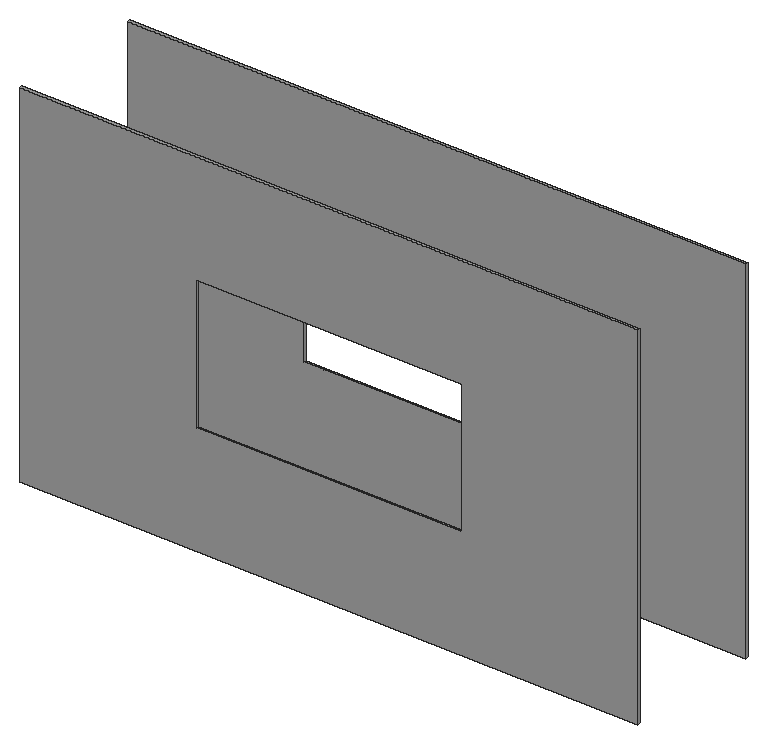
Revit family "Firestop-Composite_Sheet-STI-Square_Duct_Both_Sides_Of_Wall", category Specialty Equipment, host Wall, Revit 2026
Family settings
  Host = Wall
  Round Connector Dimension = Use Diameter
  Part Type = Normal
  Classification Number = 23.20.50.14.11
  Enable Cutting in Views = No
  Always vertical = Yes
  Cut with Voids When Loaded = No
  Maintain Annotation Orientation = No
  Shared = No
  Room Calculation Point = No
Parameters (values of type "CS1628")
  wall opening width_cala [instance] = if(wall opening width < 48' 0", wall opening width, 48' 0")  # 1' - 0"
  wall opening width [instance] = 1' - 0"
  wall opening length [instance] = 2' - 0"
  wall opening lenght_cala [instance] = if(wall opening length < 48' 0", wall opening length, 48' 0")  # 2' - 0"
  URL = "http://www.stifirestop.com/"
  Tested Systems = "https://systems.stifirestop.com/"
  Product Page URL = "http://www.stifirestop.com/products/product-selector/cs-composite-sheet/"
  Product Documentation Link = "http://files.systems.stifirestop.com/4.%20Product%20Data%20Sheets/1.%20English/PDS_Composite%20Sheet.pdf"
  Model Part = "CS1628"
  Model = "Composite Sheet"
  Manufacturer Phone No. = "800.992.1180"
  Manufacturer Fax No. = "908.526.9623"
  Manufacturer = "Specified Technologies Inc."
  Manufacture Address = "210 Evans Way, Somerville, NJ 08876"
  MSDS = "http://files.systems.stifirestop.com/5.%20Safety%20Data%20Sheet/1.%20English/SDS_Composite%20Sheet.pdf"
  Locate Distributor = "http://www.stifirestop.com/"
  Keynote = ""
  Guide Specification = "http://www.stifirestop.com/technical-library/sti-guide-specs/"
  LEED Information = "http://files.systems.stifirestop.com/7.%20Additional%20Docs%2FLEED%2FGeneral%20LEED%20Letter.pdf"
  Fire Rating = "Up to 4 Hr"
  Duct Width_cala [instance] = if(Duct Width < 47' 0", Duct Width, 47' 0")  # 0' - 6"
  Duct Width [instance] = 0' - 6"
  Duct Lenght_cala [instance] = if(Duct Lenght < 47' 0", Duct Lenght, 47' 0")  # 1' - 0"
  Duct Lenght [instance] = 1' - 0"
  Description = "Composite Sheet 16 x 28 in. (41 x 71 cm.)"
  Default Elevation = 0' - 0"
  Contact Technical Service = "http://www.stifirestop.com/contact/"
  Composite Sheet = Firestop-STI-CS-Composite_Sheet
  Contact Sales = "http://www.stifirestop.com/contact/"
  Assembly Code = "D4030900"
Types (6): name | wall opening width_cala | wall opening width | wall opening length | wall opening lenght_cala | Model Part | Description
  (no name) | 1' - 0" | 1' - 0" | 2' - 0" | 2' - 0" | "CS1628" | "Composite Sheet 16 x 28 in. (41 x 71 cm.)"
  CS1628 | 1' - 0" | 1' - 0" | 2' - 0" | 2' - 0" | "CS1628" | "Composite Sheet 16 x 28 in. (41 x 71 cm.)"
  CS2436 | 1' - 8" | 1' - 8" | 2' - 8" | 2' - 8" | "CS2436" | "Composite Sheet 24 x 36 in. (61 x 92 cm.)"
  CS3636 | 2' - 8" | 2' - 8" | 2' - 8" | 2' - 8" | "CS3636" | "Composite Sheet 36 x 36 in. (92 x 92 cm.)"
  CS3641 | 2' - 8" | 2' - 8" | 3' - 1" | 3' - 1" | "CS3641" | "Composite Sheet 36 x 41 in. (92 x 104 cm.)"
  CS2852 | 2' - 0" | 2' - 0" | 4' - 0" | 4' - 0" | "CS2852" | "Composite Sheet 28 x 52 in. (71 x 132 cm.)"
Reference planes (in)
  plane 1: y = 0
  plane 2 "Center (Left/Right)": x = 0
  plane 3 "Wall Edge": y = 3
  plane 4: z = 77.04286
  plane 5: z = 83.04286
  plane 6: z = 71.04286
  plane 7: x = 12
  plane 8: x = -12
  plane 9: x = 14
  plane 10: x = -14
  plane 11: z = 85.04286
  plane 12: z = 69.04286
  plane 13: y = 3.1
  plane 14: y = -3.1
  plane 15: x = 6
  plane 16: x = -6
  plane 17: z = 80.04286
  plane 18: z = 74.04286
Forms (in)
  Extrusion 1, solid, material "Firestop-STI-CS-Composite_Sheet" <- "Composite Sheet", detail levels fine
    sketch origin (0, 3, 0) x (1, 0, 0) y (0, 0, 1)
      loop
        line (14, 69.04286) -> (14, 85.04286) -> (-14, 85.04286) -> (-14, 69.04286) -> (14, 69.04286)
      loop
        line (6, 74.04286) -> (6, 80.04286) -> (-6, 80.04286) -> (-6, 74.04286) -> (6, 74.04286)
    from 6 to 6.1
  Extrusion 2, solid, material "Firestop-STI-CS-Composite_Sheet" <- "Composite Sheet", detail levels fine
    sketch origin (0, 3, 0) x (1, 0, 0) y (0, 0, 1)
      loop
        line (14, 69.04286) -> (14, 85.04286) -> (-14, 85.04286) -> (-14, 69.04286) -> (14, 69.04286)
      loop
        line (6, 74.04286) -> (6, 80.04286) -> (-6, 80.04286) -> (-6, 74.04286) -> (6, 74.04286)
    from -0.1 to 0
Lines and regions (in)
  Opening 1
    outline origin (-60, -3, 0) x (1, 0, 0) y (0, 0, 1)
      loop
        line (72, 71.04286) -> (72, 83.04286) -> (48, 83.04286) -> (48, 71.04286) -> (72, 71.04286)
  model lines
    curve 1: line (14, 3, 69.04286) -> (-14, 3, 69.04286)
    curve 2: line (-14, 3, 69.04286) -> (-14, 3, 85.04286)
    curve 3: line (-14, 3, 85.04286) -> (14, 3, 85.04286)
    curve 4: line (14, 3, 85.04286) -> (14, 3, 69.04286)
    curve 5: line (-14, 3, 69.04286) -> (14, 3, 69.04286)
    curve 6: line (14, 3, 69.04286) -> (14, 3, 85.04286)
    curve 7: line (14, 3, 85.04286) -> (-14, 3, 85.04286)
    curve 8: line (-14, 3, 85.04286) -> (-14, 3, 69.04286)
  symbolic lines
    curve 9: line (-14, 3.1, 0) -> (14, 3.1, 0)
    curve 10: line (-14, 3, 0) -> (-14, 3.1, 0)
    curve 11: line (14, 3, 0) -> (-14, 3, 0)
    curve 12: line (14, 3.1, 0) -> (14, 3, 0)
    curve 13: line (-14, -3, 0) -> (14, -3, 0)
    curve 14: line (-14, -3.1, 0) -> (-14, -3, 0)
    curve 15: line (14, -3.1, 0) -> (-14, -3.1, 0)
    curve 16: line (14, -3, 0) -> (14, -3.1, 0)
Text (in)
  text "Placement Side" at (0, 40.15149, 123.01588), in view "Right"
  text "Placement Side" at (-70.3804, 28.46503, 0), in view "Ref. Level"
  text "Placement Side" at (0, 81.62555, 140.59947), in view "Left"
Dimensions and locks (in)
  locked: plane 3 "Wall Edge" to host wall
  locked: plane 13 to plane 3 "Wall Edge" at 0.1
  equal spacing: plane 13, host wall, plane 14, locked at 3.1 each
  locked: plane 9 to plane 7 at 2
  locked: plane 10 to plane 8 at 2
  locked: plane 12 to plane 6 at 2
  locked: plane 5 to plane 11 at 2
  "wall opening width_cala": plane 6 to plane 5
  "wall opening lenght_cala": plane 7 to plane 8
  equal spacing: plane 7, plane 2 "Center (Left/Right)", plane 8
  equal spacing: plane 6, plane 4, plane 5
  equal spacing: plane 15, plane 2 "Center (Left/Right)", plane 16
  equal spacing: plane 18, plane 4, plane 17
  "Duct Lenght_cala": plane 15 to plane 16
  "Duct Width_cala": plane 18 to plane 17
  aligned and locked: Opening 1 sketch curve to plane 6
  aligned and locked: Opening 1 sketch curve to plane 7
  aligned and locked: Opening 1 sketch curve to plane 5
  aligned and locked: Opening 1 sketch curve to plane 8
  aligned and locked: plane 12 to curve 5
  aligned and locked: plane 11 to curve 7
  aligned and locked: plane 10 to curve 8
  aligned and locked: Extrusion 1 sketch curve to curve 1
  aligned and locked: Extrusion 1 sketch curve to curve 4
  aligned and locked: Extrusion 1 sketch curve to curve 3
  aligned and locked: Extrusion 1 sketch curve to curve 2
  aligned and locked: plane 18 to Extrusion 1 sketch curve
  aligned and locked: Extrusion 1 sketch curve to plane 15
  aligned and locked: Extrusion 1 sketch curve to plane 17
  aligned and locked: Extrusion 1 sketch curve to plane 16
  aligned and locked: plane 12 to Extrusion 2
  aligned and locked: plane 11 to Extrusion 2
  aligned and locked: plane 17 to Extrusion 2
  aligned and locked: plane 18 to Extrusion 2
  aligned and locked: Extrusion 2 to host wall
  aligned and locked: plane 13 to Extrusion 2
  aligned and locked: Extrusion 1 to host wall
  aligned and locked: plane 14 to Extrusion 1
  aligned and locked: plane 10 to Extrusion 2
  aligned and locked: plane 9 to Extrusion 2
  aligned and locked: plane 16 to Extrusion 2
  aligned and locked: Extrusion 2 to plane 15
  aligned and locked: curve 9 to Extrusion 2
  aligned and locked: curve 10 to Extrusion 2
  aligned and locked: curve 11 to Extrusion 2
  aligned and locked: curve 12 to Extrusion 2
  aligned and locked: curve 13 to Extrusion 1
  aligned and locked: curve 14 to Extrusion 1
  aligned and locked: curve 15 to Extrusion 1
  aligned and locked: curve 16 to Extrusion 1
Automatic sketch dimensions
  curve 5 to plane 9 = 0' - 0"
  plane 10 to Extrusion 2 sketch curve = 0' - 0"
  Extrusion 2 sketch curve to plane 16 = 0' - 0"
  plane 15 to Extrusion 2 sketch curve = 0' - 0"
  plane 9 to Extrusion 2 sketch curve = 0' - 0"
  plane 12 to Extrusion 2 sketch curve = 0' - 0"
  plane 18 to Extrusion 2 sketch curve = 0' - 0"
  Extrusion 2 sketch curve to plane 17 = 0' - 0"
  plane 11 to Extrusion 2 sketch curve = 0' - 0"
